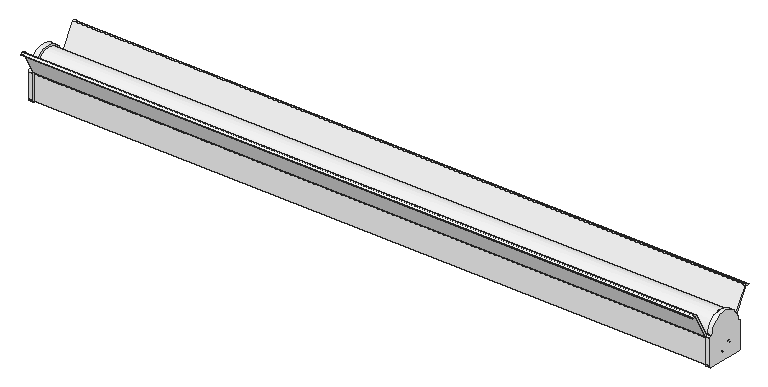
Revit family "0045213+0045233 Feilo Sylvania Lighting Fixture SYLBATTEN LED5-5 6000K DALI TP6 E3 with SYMMETRIC REFLECTOR ACCESSORY 1200MM", category Lighting Fixtures, host Face, Revit 2017
Family settings
  Host = Face
  Round Connector Dimension = Use Diameter
  Part Type = Normal
  OmniClass Number = 23.80.70.00
  OmniClass Title = Lighting
  Cut with Voids When Loaded = No
  Light Source = Yes
  Shared = No
  Room Calculation Point = No
Parameters (values of type "0045213 SYLBATTEN LED5.5 6000K DALI TP6 E3")
  Width_FEILO = 66 mm
  Weight = "3.1 kg"
  Wattage Comments = "n/a"
  Wattage = 55 W
  WarrantyStartDate [instance] = "n/a"
  WarrantyGuarantorParts = "n/a"
  WarrantyDurationUnit = "n/a"
  WarrantyDurationParts = "n/a"
  WarrantyDescription = "n/a"
  built-in parameter 1150110 = 1 (stored number, unit not read)
  Voltage = 230 V
  URL = "http://www.sylvania-lighting.com"
  TypeName = "SYLBATTEN LED5.5 6000K DALI TP6 E3"
  Type Image = <None>
  Type Comments = "n/a"
  built-in parameter 1114217 = 1 (stored number, unit not read)
  Tilt Angle = -90.00°
  built-in parameter 1150109 = 1 (stored number, unit not read)
  built-in parameter 1150134 = 5
  SymReflector_FEILO = yes
  built-in parameter 1150113 = 1 (stored number, unit not read)
  SerialNumber [instance] = "n/a"
  PowerFactor = 0
  PowerConsumption = "55 W"
  Photometric Web File = "0045213+0045233.ies"
  NominalLength = 1205 mm
  NominalHeight = 76 mm
  NominalDepth = 66 mm
  Name = "SYLBATTEN LED5.5 6000K DALI TP6 E3"
  ModelReference = Name  # "SYLBATTEN LED5.5 6000K DALI TP6 E3"
  ModelNumber = "0045213"
  Model = Name  # "SYLBATTEN LED5.5 6000K DALI TP6 E3"
  Material_4_FEILO = Reflector-Sylvania-Sylbatten-White
  Material_3_FEILO = Diffuser-Sylvania-Sylbatten-Glow
  Material_2_FEILO = Body-Sylvania-Sylbatten-White
  Material_1_FEILO = Body-Sylvania-Sylbatten-White
  Material = "sheet steel housing, polycarbonate diffuser"
  ManufacturerName = "Feilo Sylvania"
  Manufacturer = "Feilo Sylvania"
  LuminousEfficacy = "106.9 lm/W"
  built-in parameter 1150105 = 468.23 (stored number, unit not read)
  Lumens = 5883.9 lm
  LuminaireType = ""
  built-in parameter 1150115 = 1 (stored number, unit not read)
  LightOutputRatio = "100"
  built-in parameter 1150137 = (empty or 0)
  built-in parameter 1150139 = (empty or 0)
  Length_FEILO = 1205 mm
  LampsType = Lamp  # "LED"
  LampNominalLuminous = "5884 lm"
  LampMacAdamStep = "n/a"
  LampColourTemperature = "6000 K"
  LampColourRenderingIndex = "80"
  built-in parameter 1150112 = 1 (stored number, unit not read)
  built-in parameter 1150114 = 1 (stored number, unit not read)
  Lamp = "LED"
  Keynote = "16500"
  InstallationDate [instance] = "n/a"
  InputVoltage = "220-240V~"
  InputNominalFrequency = "n/a"
  built-in parameter 1150132 = (empty or 0)
  built-in parameter 1150102 = (empty or 0)
  built-in parameter 1150107 = 6000 (stored number, unit not read)
  built-in parameter 1150138 = (empty or 0)
  IngressProtection = "IP20"
  ImpactProtectionIndex = "IK07"
  built-in parameter 1150106 = 4.6823 (stored number, unit not read)
  IfcExportType = "IfcLightFixtureType"
  IfcExportAs = "IfcLightFixtureType"
  Height_FEILO = 76 mm
  ExpectedLife = 50000
  Emit from Rectangle Width = Length_FEILO - 16 mm  # 1189 mm
  Emit from Rectangle Length = Width_FEILO - 40 mm  # 26 mm
  Emit Shape Visible in Rendering = no
  ElectricShockClassification = "Class I"
  built-in parameter 1150104 = 9.9388 (stored number, unit not read)
  DurationUnit = "hours"
  DocumentationLiterature = "http://www.sylvania-lighting.com/product/en-int/products/0045213"
  DimmingControlOptions = "Dimmable"
  Dimming Lamp Color Temperature Shift = <None>
  Description = "LED batten, T8 replacement, ease of installation through 2 part push-in design of the housing (safety cable included), through wiring capability (TP6 = 6 core), sheet steel, 5883LM, 53W, 111lm/W, 6000K, drive current: 350mA, CRI 80, 138° wide beam angle, DALI dimmable, integral 3 hour maintained emergency, IP20, IK07, 50,000 hrs (L70), (LxWxH) 1205x66x76mm, 5 step MacAdam ellipse, 3kg, white RAL 9016, Class 1, 220-240V, energy class: A++, A+, A."
  Default Elevation = 1219.2 mm
  CreatedOn = "2/22/2018"
  CreatedBy = ""
  Cost = 0
  Color Filter = 16777215
  built-in parameter 1114216 [instance] = (empty or 0)
  ClassificationValue = "EF_70_80"
  ClassificationName = "Uniclass2015"
  CapOffset_FEILO = 2 mm
  BarCode [instance] = "n/a"
  built-in parameter 1114218 = 1 (stored number, unit not read)
  BackReflector_FEILO = and(not(AsymReflector_FEILO), SymReflector_FEILO)  # yes
  built-in parameter 1150133 = 10 (stored number, unit not read)
  FrontReflector_FEILO = or(AsymReflector_FEILO, SymReflector_FEILO)  # yes
  AsymReflector_FEILO = no
  AssetType = "Fixed"
  AssetIdentifier [instance] = "n/a"
  Assembly Code = "D5020200"
  Apparent Load = 55 VA
Reference planes
  plane 1 "Center (Front/Back)": y = 0
  plane 2: z = 0
  plane 3 "Center (Left/Right)": x = 0
  plane 4: x = 602.5
  plane 5: x = -602.5
  plane 6: y = 33
  plane 7: y = -33
  plane 8: z = 76
  plane 9: z = 47
  plane 10: y = -29
  plane 11: y = 29
  plane 12: z = 20
  plane 13: z = 74
  plane 14: y = -31
  plane 15: y = -27
  plane 16: y = 27
  plane 17: y = 31
  plane 18: z = 2
  plane 19: x = -594.5
  plane 20: x = 594.5
  plane 21: z = 49
  plane 22: y = 1
  plane 23: y = -1
  plane 24: z = 21
  plane 25: z = 19
  plane 26: y = -61
  plane 27: y = 61
  plane 28: y = -56
  plane 29: y = 56
  plane 30: z = 91
  plane 31: z = 88
Forms (mm)
  Extrusion 1, solid, material "Body-Sylvania-Sylbatten-White" <- "Material_2_FEILO"
    sketch origin (0, 0, 0) x (0, 1, 0) y (0, 0, 1)
      loop
        line (-31, 2) -> (31, 2) -> (31, 45)
        arc (31, 45) -> (30.414, 46.414) -> (29, 47) r 2
        line (29, 47) -> (27, 47)
        arc (27, 47) -> (0, 74) -> (-27, 47) r 27
        line (-27, 47) -> (-29, 47)
        arc (-29, 47) -> (-30.414, 46.414) -> (-31, 45) r 2
        line (-31, 45) -> (-31, 2)
    from -594.5 to 594.5
  Extrusion 2, solid, material "Body-Sylvania-Sylbatten-White" <- "Material_2_FEILO"
    sketch origin (602.5, 1524, 1219.2) x (0, 1, 0) y (0, 0, 1)
      loop
        arc (-1494, -1219.2) -> (-1491.879, -1218.321) -> (-1491, -1216.2) r 3
        line (-1491, -1216.2) -> (-1491, -1173.2)
        arc (-1491, -1173.2) -> (-1491.879, -1171.079) -> (-1494, -1170.2) r 3
        line (-1494, -1170.2) -> (-1495.069, -1170.2)
        arc (-1495.069, -1170.2) -> (-1524, -1143.2) -> (-1552.931, -1170.2) r 29
        line (-1552.931, -1170.2) -> (-1554, -1170.2)
        arc (-1554, -1170.2) -> (-1556.121, -1171.079) -> (-1557, -1173.2) r 3
        line (-1557, -1173.2) -> (-1557, -1216.2)
        arc (-1557, -1216.2) -> (-1556.121, -1218.321) -> (-1554, -1219.2) r 3
        line (-1554, -1219.2) -> (-1494, -1219.2)
      loop
        arc (-1525, -1189.25) -> (-1531.071, -1192.129) -> (-1533.95, -1198.2) r 10
        line (-1533.95, -1198.2) -> (-1532.944, -1198.2)
        arc (-1532.944, -1198.2) -> (-1530.364, -1192.836) -> (-1525, -1190.256) r 9
        line (-1525, -1190.256) -> (-1525, -1189.25)
      loop
        arc (-1523, -1190.256) -> (-1517.636, -1192.836) -> (-1515.056, -1198.2) r 9
        line (-1515.056, -1198.2) -> (-1514.05, -1198.2)
        arc (-1514.05, -1198.2) -> (-1516.929, -1192.129) -> (-1523, -1189.25) r 10
        line (-1523, -1189.25) -> (-1523, -1190.256)
      loop
        line (-1532.944, -1200.2) -> (-1533.95, -1200.2)
        arc (-1533.95, -1200.2) -> (-1531.071, -1206.271) -> (-1525, -1209.15) r 10
        line (-1525, -1209.15) -> (-1525, -1208.144)
        arc (-1525, -1208.144) -> (-1530.364, -1205.564) -> (-1532.944, -1200.2) r 9
      loop
        arc (-1515.056, -1200.2) -> (-1517.636, -1205.564) -> (-1523, -1208.144) r 9
        line (-1523, -1208.144) -> (-1523, -1209.15)
        arc (-1523, -1209.15) -> (-1516.929, -1206.271) -> (-1514.05, -1200.2) r 10
        line (-1514.05, -1200.2) -> (-1515.056, -1200.2)
    from 0 to -8
  Extrusion 3, solid, material "Body-Sylvania-Sylbatten-White" <- "Material_2_FEILO"
    sketch origin (-602.5, 1524, 1219.2) x (0, 1, 0) y (0, 0, 1)
      loop
        arc (-1495.069, -1170.2) -> (-1524, -1143.2) -> (-1552.931, -1170.2) r 29
        line (-1552.931, -1170.2) -> (-1554, -1170.2)
        arc (-1554, -1170.2) -> (-1556.121, -1171.079) -> (-1557, -1173.2) r 3
        line (-1557, -1173.2) -> (-1557, -1216.2)
        arc (-1557, -1216.2) -> (-1556.121, -1218.321) -> (-1554, -1219.2) r 3
        line (-1554, -1219.2) -> (-1494, -1219.2)
        arc (-1494, -1219.2) -> (-1491.879, -1218.321) -> (-1491, -1216.2) r 3
        line (-1491, -1216.2) -> (-1491, -1173.2)
        arc (-1491, -1173.2) -> (-1491.879, -1171.079) -> (-1494, -1170.2) r 3
        line (-1494, -1170.2) -> (-1495.069, -1170.2)
      loop
        line (-1533.95, -1198.2) -> (-1532.944, -1198.2)
        arc (-1532.944, -1198.2) -> (-1530.364, -1192.836) -> (-1525, -1190.256) r 9
        line (-1525, -1190.256) -> (-1525, -1189.25)
        arc (-1525, -1189.25) -> (-1531.071, -1192.129) -> (-1533.95, -1198.2) r 10
      loop
        line (-1523, -1189.25) -> (-1523, -1190.256)
        arc (-1523, -1190.256) -> (-1517.636, -1192.836) -> (-1515.056, -1198.2) r 9
        line (-1515.056, -1198.2) -> (-1514.05, -1198.2)
        arc (-1514.05, -1198.2) -> (-1516.929, -1192.129) -> (-1523, -1189.25) r 10
      loop
        line (-1514.05, -1200.2) -> (-1515.056, -1200.2)
        arc (-1515.056, -1200.2) -> (-1517.636, -1205.564) -> (-1523, -1208.144) r 9
        line (-1523, -1208.144) -> (-1523, -1209.15)
        arc (-1523, -1209.15) -> (-1516.929, -1206.271) -> (-1514.05, -1200.2) r 10
      loop
        line (-1525, -1209.15) -> (-1525, -1208.144)
        arc (-1525, -1208.144) -> (-1530.364, -1205.564) -> (-1532.944, -1200.2) r 9
        line (-1532.944, -1200.2) -> (-1533.95, -1200.2)
        arc (-1533.95, -1200.2) -> (-1531.071, -1206.271) -> (-1525, -1209.15) r 10
    from 0 to 8
  Extrusion 4, solid, material "Reflector-Sylvania-Sylbatten-White" <- "Material_4_FEILO", visible <- "FrontReflector_FEILO"
    sketch origin (0, 0, 0) x (0, 1, 0) y (0, 0, 1)
      loop
        line (-61.257, 88.429) -> (-60.743, 87.571) -> (-56.621, 90.044)
        arc (-56.621, 90.044) -> (-56.237, 90.099) -> (-55.929, 89.863) r 0.5
        line (-55.929, 89.863) -> (-31.435, 46.753) -> (-30.565, 47.247) -> (-55.312, 90.802)
        arc (-55.312, 90.802) -> (-55.928, 91.275) -> (-56.696, 91.165) r 1
        line (-56.696, 91.165) -> (-61.257, 88.429)
    from -594.5 to 594.5
  Extrusion 5, solid, material "Reflector-Sylvania-Sylbatten-White" <- "Material_4_FEILO", visible <- "BackReflector_FEILO"
    sketch origin (0, 0, 0) x (0, 1, 0) y (0, 0, 1)
      loop
        line (30.565, 47.247) -> (31.435, 46.753) -> (55.932, 89.868)
        arc (55.932, 89.868) -> (56.245, 90.112) -> (56.638, 90.062) r 0.518
        line (56.638, 90.062) -> (61.033, 87.565) -> (61.527, 88.435) -> (56.682, 91.188)
        arc (56.682, 91.188) -> (55.922, 91.282) -> (55.318, 90.812) r 1
        line (55.318, 90.812) -> (30.565, 47.247)
    from -594.5 to 594.5
Lines and regions (mm)
  reference lines
    curve 1: line (0, -61, 88) -> (0, -56, 91)
    curve 2: line (0, -56, 91) -> (0, -31, 47)
    curve 3: line (0, 31, 47) -> (0, 56, 91)
    curve 4: line (0, 56, 91) -> (0, 61.28, 88)
Dimensions and locks
  equal spacing: plane 5, plane 3 "Center (Left/Right)", plane 4
  equal spacing: plane 7, plane 1 "Center (Front/Back)", plane 6
  "Width_FEILO": plane 7 to plane 6
  "Length_FEILO": plane 5 to plane 4
  "Height_FEILO": plane 8 to plane 2
  locked: plane 9 to plane 8 at 29
  equal spacing: plane 10, plane 1 "Center (Front/Back)", plane 11
  locked: plane 7 to plane 10 at 4
  locked: plane 12 to plane 2 at 20
  "CapOffset_FEILO": plane 13 to plane 8
  "CapOffset_FEILO": plane 7 to plane 14
  "CapOffset_FEILO": plane 10 to plane 15
  "CapOffset_FEILO": plane 17 to plane 6
  "CapOffset_FEILO": plane 16 to plane 11
  "CapOffset_FEILO": plane 18 to plane 2
  locked: plane 14 to Extrusion 1 sketch curve at 2
  locked: Extrusion 1 sketch curve to plane 9 at 2  (x2)
  locked: plane 16 to Extrusion 1 sketch curve at 2
  equal spacing: plane 19, plane 3 "Center (Left/Right)", plane 20
  locked: plane 5 to plane 19 at 8
  "CapOffset_FEILO": plane 9 to plane 21
  locked: Extrusion 2 sketch curve to plane 2 at 47
  locked: Extrusion 1 sketch curve to plane 2 at 47
  locked: Extrusion 2 sketch curve to plane 2 at 3  (x2)
  locked: plane 7 to Extrusion 2 sketch curve at 3  (x2)
  locked: Extrusion 2 sketch curve to plane 6 at 3  (x2)
  locked: Extrusion 2 sketch curve to plane 21 at 3  (x2)
  equal spacing: plane 23, plane 1 "Center (Front/Back)", plane 22
  equal spacing: plane 25, plane 12, plane 24
  plane 30 to plane 31 to plane 2 = 3 mm locked, 88 mm locked
  plane 28 to plane 29 = 112 mm
  plane 26 to plane 27 = 122 mm
  aligned and locked: plane 2 to host face
  aligned and locked: level to host face
  aligned and locked: plane 18 to Extrusion 1 sketch curve
  aligned and locked: plane 14 to Extrusion 1 sketch curve
  aligned and locked: Extrusion 1 sketch curve to plane 9  (x2)
  aligned and locked: Extrusion 1 sketch curve to plane 17
  aligned and locked: plane 15 to Extrusion 1 sketch curve
  aligned and locked: plane 16 to Extrusion 1 sketch curve
  aligned and locked: plane 9 to Extrusion 1 sketch curve
  aligned and locked: plane 20 to Extrusion 1
  aligned and locked: level to Extrusion 2 sketch curve
  aligned and locked: Extrusion 2 sketch curve to plane 7
  aligned and locked: plane 21 to Extrusion 2 sketch curve
  aligned and locked: Extrusion 2 sketch curve to plane 21
  aligned and locked: plane 1 "Center (Front/Back)" to Extrusion 2 sketch curve  (x3)
  aligned and locked: Extrusion 2 to Extrusion 1
  aligned and locked: plane 4 to Extrusion 2
  aligned and locked: plane 12 to Extrusion 2 sketch curve  (x2)
  aligned and locked: Extrusion 2 sketch curve to plane 22
  aligned and locked: Extrusion 2 sketch curve to plane 23
  aligned and locked: Extrusion 2 sketch curve to plane 24
  aligned and locked: Extrusion 2 sketch curve to plane 25
  aligned and locked: plane 25 to Extrusion 2 sketch curve
  aligned and locked: plane 22 to Extrusion 2 sketch curve
  aligned and locked: plane 24 to Extrusion 2 sketch curve
  aligned and locked: plane 23 to Extrusion 2 sketch curve  (x2)
  aligned and locked: Extrusion 3 sketch curve to Extrusion 2  (x22)
  aligned and locked: Extrusion 3 to Extrusion 1
  aligned and locked: Extrusion 3 to plane 5
  aligned and locked: plane 19 to Extrusion 3
  aligned and locked: plane 31 to curve 1
  aligned and locked: plane 30 to curve 1
  aligned and locked: plane 14 to curve 2
  aligned and locked: plane 9 to curve 2
  aligned and locked: plane 17 to curve 3
  aligned and locked: plane 30 to curve 3
  aligned and locked: plane 31 to curve 4
  aligned and locked: Extrusion 4 sketch curve to curve 2
  aligned and locked: Extrusion 4 sketch curve to curve 1
  aligned and locked: Extrusion 4 to Extrusion 1
  aligned and locked: Extrusion 1 to Extrusion 4
  aligned and locked: imposter light to plane 1 "Center (Front/Back)"
  aligned and locked: imposter light to plane 3 "Center (Left/Right)"
  aligned and locked: imposter light to plane 13
  aligned and locked: Extrusion 5 sketch curve to curve 4
  aligned and locked: Extrusion 5 sketch curve to curve 3
  aligned and locked: Extrusion 1 to Extrusion 5
  aligned and locked: Extrusion 5 to Extrusion 1
Automatic sketch dimensions
  host sketch curve to host sketch curve = 2438.4 mm  (x2)
  Extrusion 2 sketch curve to Extrusion 2 sketch curve = 0 mm  (x14)
  Extrusion 2 sketch curve to plane 10 = 0.069 mm
  plane 23 to Extrusion 2 sketch curve = 8.95 mm
  Extrusion 2 sketch curve to Extrusion 2 sketch curve = 1.006 mm  (x4)
  Extrusion 2 sketch curve to plane 22 = 7.944 mm
  curve 1 to plane 26 = 0 mm
  curve 2 to plane 28 = 0 mm
  curve 4 to plane 29 = 0 mm
  plane 9 to curve 3 = 0 mm
  plane 26 to Extrusion 4 sketch curve = 0.257 mm
  Extrusion 4 sketch curve to plane 26 = 0.257 mm
  Extrusion 4 sketch curve to plane 30 = 0.165 mm
  plane 28 to Extrusion 4 sketch curve = 0.696 mm
  plane 28 to Extrusion 4 sketch curve = 0.621 mm
  plane 28 to Extrusion 4 sketch curve = 0.364 mm
  plane 28 to Extrusion 4 sketch curve = 0.182 mm
  Extrusion 4 sketch curve to plane 28 = 0.071 mm
  plane 30 to Extrusion 4 sketch curve = 0.198 mm
  Extrusion 4 sketch curve to plane 28 = 0.688 mm
  plane 9 to Extrusion 4 sketch curve = 0.247 mm
  plane 1 "Center (Front/Back)" to Extrusion 4 sketch curve = 31.435 mm
  Extrusion 5 sketch curve to plane 9 = 0.247 mm
  Extrusion 5 sketch curve to plane 1 "Center (Front/Back)" = 30.565 mm
  plane 9 to Extrusion 5 sketch curve = 0.247 mm
  plane 30 to Extrusion 5 sketch curve = 0.188 mm
  plane 29 to Extrusion 5 sketch curve = 0.068 mm
  Extrusion 5 sketch curve to plane 29 = 0.188 mm
  Extrusion 5 sketch curve to plane 29 = 0.382 mm
  Extrusion 5 sketch curve to Extrusion 5 sketch curve = 0.256 mm
  Extrusion 5 sketch curve to plane 30 = 0.188 mm
  Extrusion 5 sketch curve to plane 29 = 0.682 mm
  Extrusion 5 sketch curve to plane 27 = 0.033 mm
  Extrusion 5 sketch curve to plane 27 = 0.527 mm
Connectors
  electrical at (0, 0, 0), driven by "Apparent Load", driven by "PowerFactor", driven by "Voltage"
    settings: index 1, voltage 230 V, apparent load 55 VA, apparent load phase1 0 VA, apparent load phase2 0 VA, apparent load phase3 0 VA, power factor 0, load classification "Lighting", number of poles 1, system type 30, power factor state 1, is connector primary yes, connector utility no, sub classification motor no, connector description ""
